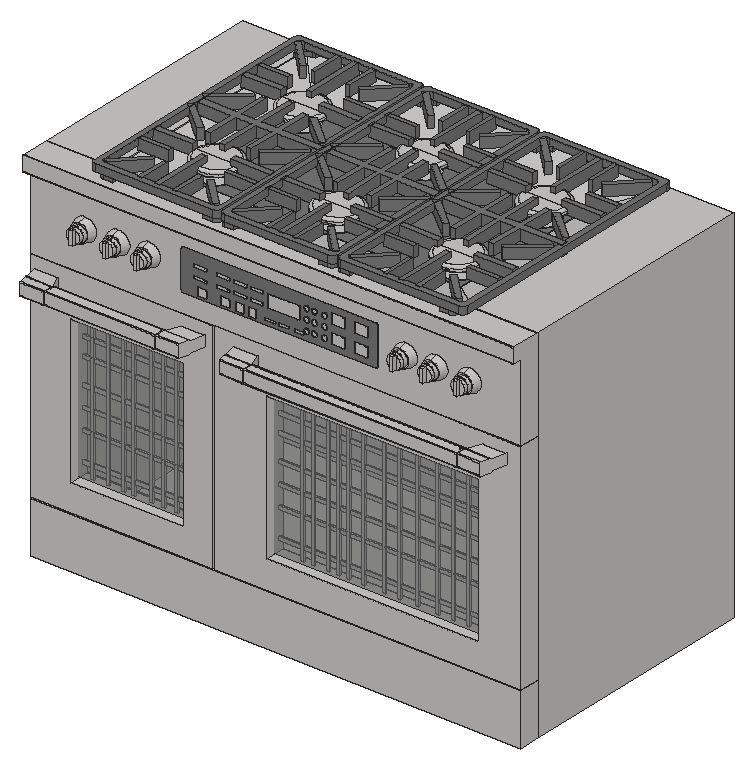
Revit family "HDPR48_Revit", category Specialty Equipment, Revit 2014 (continued)
Forms (in)
  Extrusion 45, solid, material "Stainless Steel" <- "Handle"
    sketch origin (-10, 0, 0) x (0, 1, 0) y (0, 0, -1)
      loop
        arc (-15.41935, -27.34123) -> (-15.39922, -27.32777) -> (-15.37547, -27.32305) r 0.06205
        line (-15.37547, -27.32305) -> (-14, -27.32305) -> (-14, -26.26743) -> (-15.38128, -26.26743)
        arc (-15.38128, -26.26743) -> (-15.40268, -26.26318) -> (-15.42082, -26.25105) r 0.05592
        line (-15.42082, -26.25105) -> (-15.47463, -26.19724)
        arc (-15.47463, -26.19724) -> (-15.50273, -26.17847) -> (-15.53587, -26.17187) r 0.08661
        line (-15.53587, -26.17187) -> (-16.42311, -26.17187)
        arc (-16.42311, -26.17187) -> (-16.47748, -26.1944) -> (-16.5, -26.24876) r 0.07689
        line (-16.5, -26.24876) -> (-16.5, -27.34621)
        arc (-16.5, -27.34621) -> (-16.47784, -27.39971) -> (-16.42433, -27.42187) r 0.07567
        line (-16.42433, -27.42187) -> (-15.545, -27.42187)
    from 10.69711 to 13.56403
  Extrusion 46, void
    sketch origin (-10.25, 0, 0) x (-1, 0, 0) y (0, -1, 0)
      loop
        line (12.70099, 16.78043) -> (13.31403, 14) -> (13.53053, 14.125) -> (13.53053, 16.78043) -> (12.70099, 16.78043)
      loop
        line (10.24681, 15.86964) -> (10.24681, 13.95682) -> (11.05875, 13.95682) -> (10.24681, 15.86964)
    from 24.73393 to 28.5
  Extrusion 47, solid, material "Stainless Steel" <- "Handle"
    sketch origin (-20.5, 0, 0) x (0, 1, 0) y (0, 0, 1)
      loop
        line (-15.545, 27.42187) -> (-16.42433, 27.42187)
        arc (-16.42433, 27.42187) -> (-16.47784, 27.39971) -> (-16.5, 27.34621) r 0.07567
        line (-16.5, 27.34621) -> (-16.5, 26.24876)
        arc (-16.5, 26.24876) -> (-16.47748, 26.1944) -> (-16.42311, 26.17187) r 0.07689
        line (-16.42311, 26.17187) -> (-15.53587, 26.17187)
        arc (-15.53587, 26.17187) -> (-15.50273, 26.17847) -> (-15.47463, 26.19724) r 0.08661
        line (-15.47463, 26.19724) -> (-15.42082, 26.25105)
        arc (-15.42082, 26.25105) -> (-15.40268, 26.26318) -> (-15.38128, 26.26743) r 0.05592
        line (-15.38128, 26.26743) -> (-14, 26.26743) -> (-14, 27.32305) -> (-15.37547, 27.32305)
        arc (-15.37547, 27.32305) -> (-15.39922, 27.32777) -> (-15.41935, 27.34123) r 0.06205
        line (-15.41935, 27.34123) -> (-15.46818, 27.39006)
        arc (-15.46818, 27.39006) -> (-15.50343, 27.41361) -> (-15.545, 27.42187) r 0.10864
    from 10.69711 to 13.56403
  Extrusion 48, void
    sketch origin (-20.25, 0, 0) x (1, 0, 0) y (0, 1, 0)
      loop
        line (12.70099, -16.78043) -> (13.53053, -16.78043) -> (13.53053, -14.125) -> (13.31403, -14) -> (12.70099, -16.78043)
      loop
        line (10.24681, -15.86964) -> (11.05875, -13.95682) -> (10.24681, -13.95682) -> (10.24681, -15.86964)
    from 24.73393 to 28.5
  Extrusion 49, solid, material "Stainless Steel" <- "Handle"
    sketch origin (-20.25, 0, 0) x (0, 1, 0) y (0, 0, -1)
      loop
        arc (-15.53529, -27.42185) -> (-15.50268, -27.41536) -> (-15.47504, -27.3969) r 0.08522
        line (-15.47504, -27.3969) -> (-15.41892, -27.3408)
        arc (-15.41892, -27.3408) -> (-15.39899, -27.32755) -> (-15.37548, -27.32305) r 0.06061
        line (-15.37548, -27.32305) -> (-15.14353, -27.19973)
        arc (-15.14353, -27.19973) -> (-14.91091, -26.83314) -> (-15.1067, -26.44563) r 0.43946
        line (-15.1067, -26.44563) -> (-15.37547, -26.26711)
        arc (-15.37547, -26.26711) -> (-15.39975, -26.26442) -> (-15.42044, -26.25144) r 0.05475
        line (-15.42044, -26.25144) -> (-15.47855, -26.19334)
        arc (-15.47855, -26.19334) -> (-15.5023, -26.17747) -> (-15.53032, -26.1719) r 0.07322
        line (-15.53032, -26.1719) -> (-16.42838, -26.1719)
        arc (-16.42838, -26.1719) -> (-16.47902, -26.19288) -> (-16.5, -26.24352) r 0.07162
        line (-16.5, -26.24352) -> (-16.5, -27.34725)
        arc (-16.5, -27.34725) -> (-16.47815, -27.4) -> (-16.4254, -27.42185) r 0.0746
        line (-16.4254, -27.42185) -> (-15.53529, -27.42185)
    from -10.44711 to 0.44711
  Extrusion 50, solid, material "Stainless Steel" <- "Door"
    sketch origin (0, 0, 0) x (1, 0, 0) y (0, 0, 1)
      loop
        line (-24, 28.42187) -> (-24, 7.10914) -> (-6.125, 7.10914) -> (-6.125, 28.42187) -> (-24, 28.42187)
      loop
        line (24, 7.10914) -> (24, 28.42187) -> (-6, 28.42187) -> (-6, 7.10914) -> (24, 7.10914)
      loop
        line (-0.88482, 24.12749) -> (-0.88482, 9.87749) -> (19.83246, 9.87749) -> (19.83246, 24.12749) -> (-0.88482, 24.12749)
      loop
        line (-20.04254, 24.12749) -> (-20.04254, 9.79033) -> (-8.99618, 9.79033) -> (-8.99618, 24.12749) -> (-20.04254, 24.12749)
    from 14 to 12
Cuts and joins
  joined: Extrusion 1, Extrusion 18, Extrusion 37
  Blend 26 cuts Blend 25
  Blend 26 cuts Extrusion 27
  Blend 26 cuts Revolve 28
  Blend 26 cuts Revolve 30
  Blend 26 cuts Revolve 31
  Blend 26 cuts Revolve 32
  Blend 26 cuts Extrusion 33
  Blend 26 cuts Extrusion 34
  Blend 26 cuts Revolve 35
  Blend 26 cuts Revolve 36
  Extrusion 41, Extrusion 46, Extrusion 48 cuts Extrusion 2
  Extrusion 41, Extrusion 46 cuts Extrusion 40
  Extrusion 41, Extrusion 46, Extrusion 48 cuts Extrusion 44
  Extrusion 43, Extrusion 48 cuts Extrusion 42
  Extrusion 46 cuts Extrusion 45
  Extrusion 46 cuts Extrusion 49
  Extrusion 48 cuts Extrusion 47
Dimensions and locks (in)
  equal spacing: plane 6, plane 3 "Center (Left/Right)", plane 7
  "Width": plane 6 to plane 7
  equal spacing: plane 4, plane 1 "Center (Front/Back)", plane 5
  "Depth": plane 4 to plane 5
  "Height": plane 8 to plane 2
  plane 5 to plane 4 = 24"
  plane 9 to plane 4 = 26"
  plane 11 to plane 4 = 26 7/8"
  plane 12 to plane 4 = 28 1/2"
  locked: plane 13 to plane 8 at 1.0625
  locked: plane 8 to plane 14 at 1.5
  Extrusion 2 sketch curve to Extrusion 2 sketch curve = 9"
  aligned and locked: level to plane 2
  aligned and locked: plane 4 to Extrusion 1
  aligned and locked: Extrusion 1 to plane 5
  aligned and locked: Extrusion 2 to plane 6
  aligned and locked: plane 7 to Extrusion 2
  aligned and locked: Extrusion 33 to Extrusion 29
Automatic sketch dimensions
  Extrusion 1 sketch curve to plane 6 = 0"
  Extrusion 1 sketch curve to plane 8 = 0"  (x2)
  Extrusion 1 sketch curve to plane 7 = 0"
  Extrusion 1 sketch curve to plane 10 = 0"
  plane 6 to Extrusion 1 sketch curve = 0.54402"
  Extrusion 1 sketch curve to plane 7 = 0.33098"
  plane 10 to Extrusion 1 sketch curve = 0.38848"
  Extrusion 2 sketch curve to plane 11 = 0"
  Extrusion 2 sketch curve to plane 8 = 0"
  Extrusion 2 sketch curve to plane 14 = 0"
  Extrusion 2 sketch curve to plane 9 = 0"  (x2)
  Extrusion 2 sketch curve to plane 5 = 0"  (x2)
  plane 11 to Extrusion 2 sketch curve = 0.03053"
  Extrusion 2 sketch curve to Extrusion 2 sketch curve = 1/32"  (x2)
  plane 10 to Extrusion 2 sketch curve = 4.96852"
  Extrusion 2 sketch curve to plane 10 = 0.03148"
  Revolve 4 sketch curve to plane 10 = 0"
  Revolve 4 sketch curve to level = 0"
  plane 5 to Revolve 4 sketch curve = 1 3/4"
  level to Revolve 4 sketch curve = 0.64613"
  Revolve 4 sketch curve to Revolve 4 sketch curve = 0.10387"  (x2)
  Revolve 4 sketch curve to Revolve 4 sketch curve = 0.04885"
  Revolve 4 sketch curve to Revolve 4 sketch curve = 0.71521"
  level to Revolve 4 sketch curve = 0.08461"
  Revolve 4 sketch curve to Revolve 4 sketch curve = 0.61135"
  Revolve 4 sketch curve to Revolve 4 sketch curve = 0.35387"
  Revolve 4 sketch curve to plane 10 = 0.38394"
  plane 10 to Revolve 5 sketch curve = 0.02133"
  plane 5 to Revolve 5 sketch curve = 1.75446"
  level to Revolve 5 sketch curve = 0.66746"
  Revolve 5 sketch curve to Revolve 5 sketch curve = 0.10387"  (x2)
  level to Revolve 5 sketch curve = 0.02133"
  Revolve 5 sketch curve to Revolve 5 sketch curve = 0.04885"
  Revolve 5 sketch curve to Revolve 5 sketch curve = 0.71521"
  Revolve 5 sketch curve to Revolve 5 sketch curve = 0.08461"
  Revolve 5 sketch curve to Revolve 5 sketch curve = 0.61135"
  Revolve 5 sketch curve to plane 10 = 0.36261"
  Revolve 5 sketch curve to Revolve 5 sketch curve = 0.61606"
  Revolve 6 sketch curve to plane 10 = 0"
  Revolve 6 sketch curve to level = 0"
  Revolve 6 sketch curve to plane 4 = 1 3/4"
  level to Revolve 6 sketch curve = 0.64613"
  Revolve 6 sketch curve to Revolve 6 sketch curve = 0.10387"  (x2)
  Revolve 6 sketch curve to Revolve 6 sketch curve = 0.04885"
  Revolve 6 sketch curve to Revolve 6 sketch curve = 0.71521"
  level to Revolve 6 sketch curve = 0.08461"
  Revolve 6 sketch curve to Revolve 6 sketch curve = 0.61135"
  Revolve 6 sketch curve to plane 10 = 0.38394"
  Revolve 6 sketch curve to Revolve 6 sketch curve = 0.61606"
  plane 10 to Revolve 7 sketch curve = 0.02133"
  Revolve 7 sketch curve to plane 4 = 1.74554"
  level to Revolve 7 sketch curve = 0.66746"
  Revolve 7 sketch curve to Revolve 7 sketch curve = 0.10387"  (x2)
  level to Revolve 7 sketch curve = 0.02133"
  Revolve 7 sketch curve to Revolve 7 sketch curve = 0.04885"
  Revolve 7 sketch curve to Revolve 7 sketch curve = 0.71521"
  Revolve 7 sketch curve to Revolve 7 sketch curve = 0.08461"
  Revolve 7 sketch curve to Revolve 7 sketch curve = 0.61135"
  Revolve 7 sketch curve to Revolve 7 sketch curve = 0.35387"
  Revolve 7 sketch curve to plane 10 = 0.36261"
  Revolve 8 sketch curve to plane 9 = 0"
  plane 11 to Revolve 8 sketch curve = 1/8"
  Revolve 8 sketch curve to plane 11 = 0.26351"
  Revolve 8 sketch curve to Revolve 8 sketch curve = 0.33385"
  Revolve 8 sketch curve to plane 14 = 3.49702"
  Revolve 8 sketch curve to Revolve 8 sketch curve = 0.6674"
  Revolve 8 sketch curve to Revolve 8 sketch curve = 0.06726"
  Revolve 8 sketch curve to Revolve 8 sketch curve = 0.13737"
  Revolve 8 sketch curve to Revolve 8 sketch curve = 0.20096"
  Revolve 8 sketch curve to plane 9 = 1/4"
  Revolve 8 sketch curve to plane 11 = 1/8"
  Revolve 8 sketch curve to Revolve 8 sketch curve = 0"
  Extrusion 9 sketch curve to plane 14 = 4.14477"
  Extrusion 9 sketch curve to plane 7 = 11.39021"
  Extrusion 9 sketch curve to Extrusion 9 sketch curve = 0.30095"
  Extrusion 9 sketch curve to Extrusion 9 sketch curve = 1.30026"
  Revolve 10 sketch curve to plane 9 = 0"
  plane 11 to Revolve 10 sketch curve = 1/8"
  Revolve 10 sketch curve to plane 11 = 0.26351"
  Revolve 10 sketch curve to Revolve 10 sketch curve = 0.33385"
  Revolve 10 sketch curve to plane 14 = 3.49702"
  Revolve 10 sketch curve to Revolve 10 sketch curve = 0.6674"
  Revolve 10 sketch curve to Revolve 10 sketch curve = 0.06726"
  Revolve 10 sketch curve to Revolve 10 sketch curve = 0.13737"
  Revolve 10 sketch curve to Revolve 10 sketch curve = 0.20096"
  Revolve 10 sketch curve to plane 9 = 1/4"
  Revolve 10 sketch curve to plane 11 = 1/8"
  Revolve 10 sketch curve to Revolve 10 sketch curve = 0"
  Extrusion 11 sketch curve to plane 14 = 4.14477"
  Extrusion 11 sketch curve to plane 7 = 8.45271"
  Extrusion 11 sketch curve to Extrusion 11 sketch curve = 0.30095"
  Extrusion 11 sketch curve to Extrusion 11 sketch curve = 1.30026"
  Revolve 12 sketch curve to plane 9 = 0"
  plane 11 to Revolve 12 sketch curve = 1/8"
  Revolve 12 sketch curve to plane 11 = 0.26351"
  Revolve 12 sketch curve to Revolve 12 sketch curve = 0.33385"
  Revolve 12 sketch curve to plane 14 = 2.42404"
  Revolve 12 sketch curve to Revolve 12 sketch curve = 0.20096"
  Revolve 12 sketch curve to Revolve 12 sketch curve = 0.13737"
  Revolve 12 sketch curve to Revolve 12 sketch curve = 0.06726"
  Revolve 12 sketch curve to Revolve 12 sketch curve = 0.6674"
  Revolve 12 sketch curve to Revolve 12 sketch curve = 1/4"
  Revolve 12 sketch curve to plane 11 = 1/8"
  Revolve 12 sketch curve to Revolve 12 sketch curve = 0"
  plane 14 to Extrusion 13 sketch curve = 4.14477"
  Extrusion 13 sketch curve to plane 6 = 11.79646"
  Extrusion 13 sketch curve to Extrusion 13 sketch curve = 0.30095"
  Extrusion 13 sketch curve to Extrusion 13 sketch curve = 1.30026"
  Revolve 14 sketch curve to plane 9 = 0"
  plane 11 to Revolve 14 sketch curve = 1/8"
  Revolve 14 sketch curve to plane 11 = 0.26351"
  Revolve 14 sketch curve to Revolve 14 sketch curve = 0.33385"
  Revolve 14 sketch curve to plane 14 = 2.42404"
  Revolve 14 sketch curve to Revolve 14 sketch curve = 0.20096"
  Revolve 14 sketch curve to Revolve 14 sketch curve = 0.13737"
  Revolve 14 sketch curve to Revolve 14 sketch curve = 0.06726"
  Revolve 14 sketch curve to Revolve 14 sketch curve = 0.6674"
  Revolve 14 sketch curve to Revolve 14 sketch curve = 1/4"
  Revolve 14 sketch curve to plane 11 = 1/8"
  Revolve 14 sketch curve to Revolve 14 sketch curve = 0"
  plane 14 to Extrusion 15 sketch curve = 4.14477"
  Extrusion 15 sketch curve to plane 6 = 8.76521"
  Extrusion 15 sketch curve to Extrusion 15 sketch curve = 0.30095"
  Extrusion 15 sketch curve to Extrusion 15 sketch curve = 1.30026"
  Extrusion 16 sketch curve to plane 3 "Center (Left/Right)" = 0"
  Extrusion 16 sketch curve to plane 3 "Center (Left/Right)" = 0.70418"
  Extrusion 16 sketch curve to plane 3 "Center (Left/Right)" = 1.02527"
  Extrusion 16 sketch curve to Extrusion 16 sketch curve = 0.50858"  (x2)
  Extrusion 16 sketch curve to Extrusion 16 sketch curve = 0.87038"
  Extrusion 16 sketch curve to Extrusion 16 sketch curve = 1.2315"
  Extrusion 16 sketch curve to Extrusion 16 sketch curve = 0.54863"
  Extrusion 16 sketch curve to Extrusion 16 sketch curve = 0.70811"
  Extrusion 16 sketch curve to Extrusion 16 sketch curve = 0.36668"  (x2)
  Extrusion 16 sketch curve to Extrusion 16 sketch curve = 0.4926"
  Extrusion 16 sketch curve to Extrusion 16 sketch curve = 0.76969"
  Extrusion 16 sketch curve to Extrusion 16 sketch curve = 0.23798"
  Extrusion 16 sketch curve to Extrusion 16 sketch curve = 0"  (x17)
  Extrusion 16 sketch curve to Extrusion 16 sketch curve = 0.6505"
  Extrusion 16 sketch curve to Extrusion 16 sketch curve = 0.41253"  (x2)
  Extrusion 16 sketch curve to Extrusion 16 sketch curve = 0.84976"  (x2)
  Extrusion 16 sketch curve to Extrusion 16 sketch curve = 0.40024"  (x2)
  Extrusion 16 sketch curve to Extrusion 16 sketch curve = 1"  (x8)
  Extrusion 16 sketch curve to Extrusion 16 sketch curve = 1 1/4"  (x4)
  Extrusion 16 sketch curve to Extrusion 16 sketch curve = 0.95105"
  Extrusion 16 sketch curve to Extrusion 16 sketch curve = 1.35129"
  Extrusion 16 sketch curve to Extrusion 16 sketch curve = 1/4"  (x16)
  plane 3 "Center (Left/Right)" to Extrusion 16 sketch curve = 0.32502"
  Extrusion 16 sketch curve to Extrusion 16 sketch curve = 0.99055"
  Extrusion 16 sketch curve to Extrusion 16 sketch curve = 0.53544"
  Extrusion 16 sketch curve to Extrusion 16 sketch curve = 0.52318"
  Extrusion 16 sketch curve to Extrusion 16 sketch curve = 0.88347"
  Extrusion 16 sketch curve to Extrusion 16 sketch curve = 0.68155"  (x2)
  Extrusion 16 sketch curve to Extrusion 16 sketch curve = 0.32126"
  Extrusion 16 sketch curve to Extrusion 16 sketch curve = 3/4"  (x6)
  Extrusion 16 sketch curve to Extrusion 16 sketch curve = 0.713"  (x2)
  Extrusion 16 sketch curve to Extrusion 16 sketch curve = 0.76366"  (x2)
  Extrusion 16 sketch curve to plane 14 = 5.68344"
  Extrusion 16 sketch curve to Extrusion 16 sketch curve = 0.00715"
  Extrusion 16 sketch curve to Extrusion 16 sketch curve = 0.17667"  (x2)
  Extrusion 16 sketch curve to Extrusion 16 sketch curve = 0.1874"  (x3)
  Extrusion 16 sketch curve to Extrusion 16 sketch curve = 0.35692"
  Extrusion 16 sketch curve to Extrusion 16 sketch curve = 0.7389"  (x3)
  Extrusion 16 sketch curve to Extrusion 16 sketch curve = 0.62804"  (x3)
  Extrusion 16 sketch curve to Extrusion 16 sketch curve = 1.00287"  (x2)
  Extrusion 16 sketch curve to Extrusion 16 sketch curve = 0.72785"  (x2)
  Extrusion 16 sketch curve to Extrusion 16 sketch curve = 0.52215"
  Extrusion 16 sketch curve to Extrusion 16 sketch curve = 0.41236"
  Extrusion 17 sketch curve to Extrusion 16 = 0"  (x72)
  Extrusion 16 to Extrusion 17 sketch curve = 0"  (x8)
  Extrusion 18 sketch curve to Extrusion 1 = 0"  (x4)
  plane 6 to Extrusion 19 sketch curve = 4.82012"
  Extrusion 19 sketch curve to Extrusion 19 sketch curve = 75/256"  (x21)
  Extrusion 19 sketch curve to Extrusion 19 sketch curve = 1 53/256"  (x6)
  Extrusion 19 sketch curve to Extrusion 19 sketch curve = 0.69186"  (x2)
  Extrusion 19 sketch curve to Extrusion 19 sketch curve = 1 117/256"
  Extrusion 19 sketch curve to Extrusion 19 sketch curve = 0.93149"  (x2)
  Extrusion 19 sketch curve to Extrusion 19 sketch curve = 1 181/256"  (x2)
  Extrusion 19 sketch curve to Extrusion 19 sketch curve = 1.03146"
  plane 3 "Center (Left/Right)" to Extrusion 19 sketch curve = 1.36518"
  Extrusion 19 sketch curve to Extrusion 19 sketch curve = 181/256"  (x2)
  Extrusion 19 sketch curve to Extrusion 19 sketch curve = 1.18149"
  Extrusion 19 sketch curve to Extrusion 19 sketch curve = 1.69373"
  Extrusion 19 sketch curve to Extrusion 19 sketch curve = 1.47037"
  plane 10 to Extrusion 19 sketch curve = 7.73528"
  Extrusion 19 sketch curve to Extrusion 19 sketch curve = 0"  (x34)
  plane 10 to Extrusion 19 sketch curve = 7.79033"  (x2)
  Extrusion 19 sketch curve to Extrusion 19 sketch curve = 0.05505"  (x4)
  Extrusion 19 sketch curve to plane 14 = 12.01472"
  Revolve 21 sketch curve to plane 9 = 0"
  plane 11 to Revolve 21 sketch curve = 1/8"
  Revolve 21 sketch curve to plane 11 = 0.26351"
  Revolve 21 sketch curve to Revolve 21 sketch curve = 0.33385"
  Revolve 21 sketch curve to plane 14 = 3.49702"
  Revolve 21 sketch curve to Revolve 21 sketch curve = 0.6674"
  Revolve 21 sketch curve to Revolve 21 sketch curve = 0.06726"
  Revolve 21 sketch curve to Revolve 21 sketch curve = 0.13737"
  Revolve 21 sketch curve to Revolve 21 sketch curve = 0.20096"
  Revolve 21 sketch curve to plane 9 = 1/4"
  Revolve 21 sketch curve to plane 11 = 1/8"
  Revolve 21 sketch curve to Revolve 21 sketch curve = 0"
  Extrusion 22 sketch curve to plane 7 = 5.20271"
  Extrusion 22 sketch curve to Extrusion 22 sketch curve = 0.30095"
  Extrusion 22 sketch curve to plane 14 = 4.14477"
  Extrusion 22 sketch curve to Extrusion 22 sketch curve = 1.30026"
  Revolve 23 sketch curve to plane 9 = 0"
  plane 11 to Revolve 23 sketch curve = 1/8"
  Revolve 23 sketch curve to plane 11 = 0.26351"
  Revolve 23 sketch curve to Revolve 23 sketch curve = 0.33385"
  Revolve 23 sketch curve to plane 14 = 2.42404"
  Revolve 23 sketch curve to Revolve 23 sketch curve = 0.20096"
  Revolve 23 sketch curve to Revolve 23 sketch curve = 0.13737"
  Revolve 23 sketch curve to Revolve 23 sketch curve = 0.06726"
  Revolve 23 sketch curve to Revolve 23 sketch curve = 0.6674"
  Revolve 23 sketch curve to Revolve 23 sketch curve = 1/4"
  Revolve 23 sketch curve to plane 11 = 1/8"
  Revolve 23 sketch curve to Revolve 23 sketch curve = 0"
  Extrusion 24 sketch curve to plane 6 = 5.51521"
  Extrusion 24 sketch curve to Extrusion 24 sketch curve = 0.30095"
  plane 14 to Extrusion 24 sketch curve = 4.14477"
  Extrusion 24 sketch curve to Extrusion 24 sketch curve = 1.30026"
  Blend 25 sketch curve to plane 5 = 0"
  Blend 25 sketch curve to plane 4 = 0.60405"
  plane 6 to Blend 25 sketch curve = 6.60652"
  Blend 25 sketch curve to plane 7 = 6.39348"
  plane 5 to Blend 25 sketch curve = 2.80878"
  plane 6 to Blend 25 sketch curve = 9.65712"
  Blend 25 sketch curve to plane 7 = 9.84288"
  Blend 25 sketch curve to plane 4 = 4.19122"
  Blend 26 sketch curve to plane 5 = 0"
  Blend 26 sketch curve to plane 4 = 0.60405"
  plane 6 to Blend 26 sketch curve = 6.60652"
  Blend 26 sketch curve to plane 7 = 6.39348"
  plane 5 to Blend 26 sketch curve = 3.54791"
  plane 6 to Blend 26 sketch curve = 10.65712"
  Blend 26 sketch curve to plane 7 = 10.34288"
  Blend 26 sketch curve to plane 4 = 4.93035"
  Blend 25 to Extrusion 27 sketch curve = 0.73913"  (x2)
  Blend 25 to Extrusion 27 sketch curve = 1/2"
  Blend 25 to Extrusion 27 sketch curve = 1"
  plane 8 to Revolve 28 sketch curve = 1/32"
  plane 6 to Revolve 28 sketch curve = 10 1/8"
  Revolve 28 sketch curve to plane 8 = 0.3223"
  Revolve 28 sketch curve to Revolve 28 sketch curve = 0"  (x2)
  Revolve 28 sketch curve to Revolve 28 sketch curve = 0.08277"
  Revolve 28 sketch curve to plane 8 = 0.09852"
  Revolve 28 sketch curve to Revolve 28 sketch curve = 0.047"  (x2)
  Revolve 28 sketch curve to plane 8 = 0.19253"
  plane 14 to Revolve 28 sketch curve = 0.70035"
  Revolve 28 sketch curve to Revolve 28 sketch curve = 0.1853"
  Revolve 28 sketch curve to Revolve 28 sketch curve = 1/4"
  Revolve 28 sketch curve to Revolve 28 sketch curve = 0.0647"
  plane 14 to Revolve 28 sketch curve = 0.55589"
  Revolve 28 sketch curve to Revolve 28 sketch curve = 0.53915"
  Revolve 28 sketch curve to plane 14 = 0.23056"
  Revolve 28 sketch curve to Revolve 28 sketch curve = 0.45405"
  Revolve 28 sketch curve to Revolve 28 sketch curve = 1.0715"
  plane 8 to Revolve 28 sketch curve = 9/32"
  plane 14 to Revolve 28 sketch curve = 0.63472"
  Revolve 28 sketch curve to Revolve 28 sketch curve = 0.10347"
  Extrusion 29 sketch curve to plane 9 = 0"  (x3)
  plane 9 to Extrusion 29 sketch curve = 1/2"
  plane 6 to Extrusion 29 sketch curve = 5.85652"
  Extrusion 29 sketch curve to Extrusion 29 sketch curve = 1/2"  (x15)
  Extrusion 29 sketch curve to Extrusion 29 sketch curve = 0.01964"
  Extrusion 29 sketch curve to Extrusion 29 sketch curve = 0.51964"  (x5)
  Extrusion 29 sketch curve to plane 4 = 1.15906"  (x2)
  Extrusion 29 sketch curve to plane 3 "Center (Left/Right)" = 6.68634"  (x2)
  Extrusion 29 sketch curve to plane 5 = 0.90906"
  Extrusion 29 sketch curve to Extrusion 29 sketch curve = 0.49884"  (x5)
  Extrusion 29 sketch curve to Extrusion 29 sketch curve = 3/16"
  Extrusion 29 sketch curve to plane 4 = 1.65906"
  plane 3 "Center (Left/Right)" to Extrusion 29 sketch curve = 4.62384"  (x2)
  plane 9 to Extrusion 29 sketch curve = 0.59094"  (x2)
  Extrusion 29 sketch curve to Extrusion 29 sketch curve = 0.23152"
  Extrusion 29 sketch curve to plane 7 = 6.62616"  (x2)
  Extrusion 29 sketch curve to Extrusion 29 sketch curve = 0.55501"  (x2)
  Extrusion 29 sketch curve to Extrusion 29 sketch curve = 0.05501"
  plane 8 to Revolve 30 sketch curve = 1/32"
  plane 6 to Revolve 30 sketch curve = 10 1/8"
  Revolve 30 sketch curve to plane 8 = 0.3223"
  Revolve 30 sketch curve to Revolve 30 sketch curve = 0"  (x2)
  Revolve 30 sketch curve to Revolve 30 sketch curve = 0.08277"
  Revolve 30 sketch curve to plane 8 = 0.09852"
  Revolve 30 sketch curve to Revolve 30 sketch curve = 0.047"  (x2)
  Revolve 30 sketch curve to plane 8 = 0.19253"
  plane 14 to Revolve 30 sketch curve = 0.70035"
  Revolve 30 sketch curve to Revolve 30 sketch curve = 0.1853"
  Revolve 30 sketch curve to Revolve 30 sketch curve = 1/4"  (x3)
  plane 14 to Revolve 30 sketch curve = 0.55589"
  Revolve 30 sketch curve to Revolve 30 sketch curve = 0.53915"
  Revolve 30 sketch curve to plane 14 = 0.23056"
  Revolve 30 sketch curve to Revolve 30 sketch curve = 0.45405"
  Revolve 30 sketch curve to Revolve 30 sketch curve = 1.0715"
  Revolve 30 sketch curve to Revolve 30 sketch curve = 0.10347"
  plane 14 to Revolve 30 sketch curve = 0.63472"
  plane 8 to Revolve 31 sketch curve = 1/32"
  Revolve 31 sketch curve to plane 7 = 9 3/4"
  Revolve 31 sketch curve to plane 8 = 0.3223"
  Revolve 31 sketch curve to Revolve 31 sketch curve = 0"  (x2)
  Revolve 31 sketch curve to Revolve 31 sketch curve = 0.08277"
  Revolve 31 sketch curve to plane 8 = 0.09852"
  Revolve 31 sketch curve to Revolve 31 sketch curve = 0.047"  (x2)
  Revolve 31 sketch curve to plane 8 = 0.19253"
  plane 14 to Revolve 31 sketch curve = 0.70035"
  Revolve 31 sketch curve to Revolve 31 sketch curve = 0.1853"
  Revolve 31 sketch curve to Revolve 31 sketch curve = 1/4"  (x2)
  Revolve 31 sketch curve to Revolve 31 sketch curve = 0.0647"
  plane 14 to Revolve 31 sketch curve = 0.55589"
  Revolve 31 sketch curve to Revolve 31 sketch curve = 0.53915"
  Revolve 31 sketch curve to plane 14 = 0.23056"
  Revolve 31 sketch curve to Revolve 31 sketch curve = 0.45405"
  Revolve 31 sketch curve to Revolve 31 sketch curve = 1.0715"
  Revolve 31 sketch curve to Revolve 31 sketch curve = 0.10347"
  plane 14 to Revolve 31 sketch curve = 0.63472"
  plane 8 to Revolve 32 sketch curve = 1/32"
  Revolve 32 sketch curve to plane 7 = 9 3/4"
  Revolve 32 sketch curve to plane 8 = 0.3223"
  Revolve 32 sketch curve to Revolve 32 sketch curve = 0"  (x2)
  Revolve 32 sketch curve to Revolve 32 sketch curve = 0.08277"
  Revolve 32 sketch curve to plane 8 = 0.09852"
  Revolve 32 sketch curve to Revolve 32 sketch curve = 0.047"  (x2)
  Revolve 32 sketch curve to plane 8 = 0.19253"
  plane 14 to Revolve 32 sketch curve = 0.70035"
  Revolve 32 sketch curve to Revolve 32 sketch curve = 0.1853"
  Revolve 32 sketch curve to Revolve 32 sketch curve = 1/4"  (x2)
  plane 14 to Revolve 32 sketch curve = 0.55589"
  Revolve 32 sketch curve to Revolve 32 sketch curve = 0.53915"
  Revolve 32 sketch curve to plane 14 = 0.23056"
  Revolve 32 sketch curve to Revolve 32 sketch curve = 0.45405"
  Revolve 32 sketch curve to Revolve 32 sketch curve = 1.0715"
  plane 8 to Revolve 32 sketch curve = 9/32"
  plane 14 to Revolve 32 sketch curve = 0.63472"
  Revolve 32 sketch curve to Revolve 32 sketch curve = 0.10347"
  Extrusion 33 sketch curve to plane 5 = 0.49042"  (x2)
  plane 6 to Extrusion 33 sketch curve = 6.60652"  (x2)
  Extrusion 33 sketch curve to plane 4 = 1.10405"
  plane 9 to Extrusion 33 sketch curve = 0.04155"  (x6)
  Extrusion 33 sketch curve to Extrusion 33 sketch curve = 1/2"  (x18)
  Extrusion 33 sketch curve to Extrusion 33 sketch curve = 0.51964"  (x16)
  Extrusion 33 sketch curve to Extrusion 33 sketch curve = 0.38691"  (x12)
  Extrusion 33 sketch curve to plane 3 "Center (Left/Right)" = 7.13575"  (x2)
  Extrusion 33 sketch curve to plane 4 = 0.60405"  (x3)
  Extrusion 33 sketch curve to Extrusion 33 sketch curve = 0.22919"  (x2)
  Extrusion 33 sketch curve to Extrusion 33 sketch curve = 0.01964"  (x2)
  plane 9 to Extrusion 33 sketch curve = 0.59656"
  plane 3 "Center (Left/Right)" to Extrusion 33 sketch curve = 4.19523"  (x2)
  Extrusion 33 sketch curve to Extrusion 33 sketch curve = 0.2524"  (x2)
  Extrusion 33 sketch curve to plane 7 = 8.01308"  (x2)
  Extrusion 33 sketch curve to Extrusion 33 sketch curve = 0.55501"  (x4)
  Extrusion 33 sketch curve to Extrusion 33 sketch curve = 0.05501"
  Extrusion 33 sketch curve to Extrusion 33 sketch curve = 0.41301"  (x10)
  Extrusion 33 sketch curve to Extrusion 33 sketch curve = 0.96803"  (x4)
  Extrusion 33 sketch curve to Extrusion 33 sketch curve = 0"  (x4)
  plane 1 "Center (Front/Back)" to Extrusion 34 sketch curve = 0.33908"  (x6)
  plane 6 to Extrusion 34 sketch curve = 5.97767"
  plane 1 "Center (Front/Back)" to Extrusion 34 sketch curve = 2.22905"  (x6)
  Extrusion 34 sketch curve to Extrusion 34 sketch curve = 0"  (x30)
  plane 1 "Center (Front/Back)" to Extrusion 34 sketch curve = 0.69263"  (x6)
  Extrusion 34 sketch curve to Extrusion 34 sketch curve = 0.35355"  (x32)
  plane 1 "Center (Front/Back)" to Extrusion 34 sketch curve = 1.8755"  (x6)
  Extrusion 34 sketch curve to Extrusion 34 sketch curve = 0.04494"  (x3)
  Extrusion 34 sketch curve to plane 4 = 1.6838"  (x3)
  plane 6 to Extrusion 34 sketch curve = 6.37616"
  Extrusion 34 sketch curve to Extrusion 34 sketch curve = 0.39849"
  Extrusion 34 sketch curve to plane 5 = 0.88433"  (x3)
  Extrusion 34 sketch curve to plane 4 = 1.34097"  (x6)
  Extrusion 34 sketch curve to Extrusion 34 sketch curve = 0.34283"  (x12)
  plane 9 to Extrusion 34 sketch curve = 0.77284"  (x6)
  Extrusion 34 sketch curve to plane 1 "Center (Front/Back)" = 2.19784"  (x4)
  Extrusion 34 sketch curve to Extrusion 34 sketch curve = 2.56177"  (x4)
  plane 5 to Extrusion 34 sketch curve = 1.76732"  (x6)
  Extrusion 34 sketch curve to plane 4 = 4.33545"  (x4)
  Extrusion 34 sketch curve to plane 1 "Center (Front/Back)" = 1.84429"  (x6)
  plane 1 "Center (Front/Back)" to Extrusion 34 sketch curve = 4.41242"  (x4)
  Extrusion 34 sketch curve to Extrusion 34 sketch curve = 0.34835"  (x6)
  Extrusion 34 sketch curve to Extrusion 34 sketch curve = 0.44539"  (x5)
  Extrusion 34 sketch curve to Extrusion 34 sketch curve = 0.74123"  (x5)
  Extrusion 34 sketch curve to plane 4 = 1.12314"  (x7)
  Extrusion 34 sketch curve to Extrusion 34 sketch curve = 0.46763"  (x20)
  Extrusion 34 sketch curve to Extrusion 34 sketch curve = 0.84662"  (x5)
  Extrusion 34 sketch curve to Extrusion 34 sketch curve = 0.34263"  (x12)
  plane 9 to Extrusion 34 sketch curve = 0.55501"  (x9)
  Extrusion 34 sketch curve to Extrusion 34 sketch curve = 1.28237"
  Extrusion 34 sketch curve to Extrusion 34 sketch curve = 1.51409"
  Extrusion 34 sketch curve to Extrusion 34 sketch curve = 1.53237"  (x4)
  Extrusion 34 sketch curve to Extrusion 34 sketch curve = 1.31473"  (x2)
  Extrusion 34 sketch curve to Extrusion 34 sketch curve = 0.22784"  (x3)
  Extrusion 34 sketch curve to Extrusion 34 sketch curve = 1.7602"
  plane 5 to Extrusion 34 sketch curve = 1.42449"  (x2)
  Extrusion 34 sketch curve to Extrusion 34 sketch curve = 0.70886"  (x6)
  Extrusion 34 sketch curve to Extrusion 34 sketch curve = 0.50401"  (x6)
  Extrusion 34 sketch curve to Extrusion 34 sketch curve = 0.94946"  (x5)
  Extrusion 34 sketch curve to Extrusion 34 sketch curve = 3.36051"  (x4)
  Extrusion 34 sketch curve to Extrusion 34 sketch curve = 3.46427"  (x3)
  Extrusion 34 sketch curve to Extrusion 34 sketch curve = 3"  (x5)
  Extrusion 34 sketch curve to Extrusion 34 sketch curve = 0.29017"  (x2)
  Extrusion 34 sketch curve to Extrusion 34 sketch curve = 0.45534"  (x2)
  Extrusion 34 sketch curve to Extrusion 34 sketch curve = 1.31095"  (x2)
  Extrusion 34 sketch curve to Extrusion 34 sketch curve = 1.06483"  (x4)
  Extrusion 34 sketch curve to plane 3 "Center (Left/Right)" = 2.56207"  (x2)
  Extrusion 34 sketch curve to plane 3 "Center (Left/Right)" = 2.47219"
  Extrusion 34 sketch curve to plane 3 "Center (Left/Right)" = 1.38813"
  Extrusion 34 sketch curve to plane 3 "Center (Left/Right)" = 1.27721"  (x2)
  Extrusion 34 sketch curve to plane 3 "Center (Left/Right)" = 0.13813"  (x4)
  plane 3 "Center (Left/Right)" to Extrusion 34 sketch curve = 0.32951"  (x4)
  Extrusion 34 sketch curve to Extrusion 34 sketch curve = 0.93973"
  plane 3 "Center (Left/Right)" to Extrusion 34 sketch curve = 1.26924"
  Extrusion 34 sketch curve to Extrusion 34 sketch curve = 1.15737"  (x2)
  Extrusion 34 sketch curve to Extrusion 34 sketch curve = 1.3852"  (x2)
  Extrusion 34 sketch curve to Extrusion 34 sketch curve = 2.74927"
  Extrusion 34 sketch curve to Extrusion 34 sketch curve = 0.26872"
  Extrusion 34 sketch curve to Extrusion 34 sketch curve = 0.20301"  (x2)
  Extrusion 34 sketch curve to Extrusion 34 sketch curve = 13/16"  (x4)
  Extrusion 34 sketch curve to Extrusion 34 sketch curve = 1.05862"  (x2)
  Extrusion 34 sketch curve to Extrusion 34 sketch curve = 1.38909"  (x2)
  Extrusion 34 sketch curve to Extrusion 34 sketch curve = 1.40737"  (x2)
  Extrusion 34 sketch curve to Extrusion 34 sketch curve = 2.81473"
  Extrusion 34 sketch curve to Extrusion 34 sketch curve = 1.18973"
  Extrusion 34 sketch curve to Extrusion 34 sketch curve = 0.2768"  (x12)
  Extrusion 34 sketch curve to Extrusion 34 sketch curve = 1.46121"  (x7)
  Extrusion 34 sketch curve to Extrusion 34 sketch curve = 7/16"  (x12)
  Extrusion 34 sketch curve to Extrusion 34 sketch curve = 0.65897"  (x3)
  Extrusion 34 sketch curve to Extrusion 34 sketch curve = 1.36641"  (x8)
  Extrusion 34 sketch curve to Extrusion 34 sketch curve = 0.70743"  (x5)
  Extrusion 34 sketch curve to Extrusion 34 sketch curve = 0.5795"  (x12)
  Extrusion 34 sketch curve to Extrusion 34 sketch curve = 0.89493"  (x5)
  Extrusion 34 sketch curve to Extrusion 34 sketch curve = 1.62209"  (x2)
  Extrusion 34 sketch curve to Extrusion 34 sketch curve = 0.33071"  (x10)
  Extrusion 34 sketch curve to Extrusion 34 sketch curve = 0.02284"  (x2)
  plane 1 "Center (Front/Back)" to Extrusion 34 sketch curve = 1.63544"  (x4)
  Extrusion 34 sketch curve to Extrusion 34 sketch curve = 0.59361"  (x2)
  Extrusion 34 sketch curve to Extrusion 34 sketch curve = 0.24006"  (x2)
  Extrusion 34 sketch curve to Extrusion 34 sketch curve = 0.70275"  (x4)
  Extrusion 34 sketch curve to Extrusion 34 sketch curve = 0.19305"  (x3)
  Extrusion 34 sketch curve to Extrusion 34 sketch curve = 3/4"  (x3)
  Extrusion 34 sketch curve to Extrusion 34 sketch curve = 1.64493"  (x4)
  plane 8 to Revolve 35 sketch curve = 1/32"
  plane 3 "Center (Left/Right)" to Revolve 35 sketch curve = 2 1/2"
  Revolve 35 sketch curve to plane 8 = 0.3223"
  Revolve 35 sketch curve to Revolve 35 sketch curve = 0"
  Revolve 35 sketch curve to Revolve 35 sketch curve = 0.08277"
  Revolve 35 sketch curve to plane 8 = 0.09852"
  Revolve 35 sketch curve to Revolve 35 sketch curve = 0.047"  (x2)
  Revolve 35 sketch curve to plane 8 = 0.19253"
  plane 14 to Revolve 35 sketch curve = 0.70035"
  Revolve 35 sketch curve to Revolve 35 sketch curve = 0.1853"
  Revolve 35 sketch curve to Revolve 35 sketch curve = 1/4"  (x2)
  Revolve 35 sketch curve to Revolve 35 sketch curve = 0.0647"
  plane 14 to Revolve 35 sketch curve = 0.55589"
  Revolve 35 sketch curve to Revolve 35 sketch curve = 0.53915"
  Revolve 35 sketch curve to plane 14 = 0.23056"
  Revolve 35 sketch curve to Revolve 35 sketch curve = 0.45405"
  plane 3 "Center (Left/Right)" to Revolve 35 sketch curve = 1/4"  (x2)
  Revolve 35 sketch curve to Revolve 35 sketch curve = 0.10347"
  plane 14 to Revolve 35 sketch curve = 0.63472"
  plane 8 to Revolve 36 sketch curve = 1/32"
  plane 3 "Center (Left/Right)" to Revolve 36 sketch curve = 2 1/2"
  Revolve 36 sketch curve to plane 8 = 0.3223"
  Revolve 36 sketch curve to Revolve 36 sketch curve = 0"
  Revolve 36 sketch curve to Revolve 36 sketch curve = 0.08277"
  Revolve 36 sketch curve to plane 8 = 0.09852"
  Revolve 36 sketch curve to Revolve 36 sketch curve = 0.047"  (x2)
  Revolve 36 sketch curve to plane 8 = 0.19253"
  plane 14 to Revolve 36 sketch curve = 0.70035"
  Revolve 36 sketch curve to Revolve 36 sketch curve = 0.1853"
  Revolve 36 sketch curve to Revolve 36 sketch curve = 1/4"  (x2)
  plane 14 to Revolve 36 sketch curve = 0.55589"
  Revolve 36 sketch curve to Revolve 36 sketch curve = 0.53915"
  Revolve 36 sketch curve to plane 14 = 0.23056"
  Revolve 36 sketch curve to Revolve 36 sketch curve = 0.45405"
  plane 3 "Center (Left/Right)" to Revolve 36 sketch curve = 1/4"  (x2)
  plane 8 to Revolve 36 sketch curve = 9/32"
  plane 14 to Revolve 36 sketch curve = 0.63472"
  Revolve 36 sketch curve to Revolve 36 sketch curve = 0.10347"
  Extrusion 37 sketch curve to plane 5 = 0"  (x2)
  plane 6 to Extrusion 37 sketch curve = 0.54402"
  Extrusion 37 sketch curve to Extrusion 37 sketch curve = 6 1/16"
  Extrusion 37 sketch curve to plane 7 = 6.39348"
  Extrusion 37 sketch curve to plane 7 = 0.33098"
  Extrusion 37 sketch curve to plane 4 = 0.60405"  (x2)
  plane 10 to Revolve 38 sketch curve = 0.02133"
  plane 5 to Revolve 38 sketch curve = 1.75446"
  level to Revolve 38 sketch curve = 0.66746"
  Revolve 38 sketch curve to Revolve 38 sketch curve = 0.10387"  (x2)
  level to Revolve 38 sketch curve = 0.02133"
  Revolve 38 sketch curve to Revolve 38 sketch curve = 0.04885"
  Revolve 38 sketch curve to Revolve 38 sketch curve = 0.71521"
  Revolve 38 sketch curve to Revolve 38 sketch curve = 0.08461"
  Revolve 38 sketch curve to Revolve 38 sketch curve = 0.61135"
  Revolve 38 sketch curve to plane 10 = 0.36261"
  Revolve 38 sketch curve to Revolve 38 sketch curve = 0.61606"
  plane 10 to Revolve 39 sketch curve = 0.02133"
  Revolve 39 sketch curve to plane 4 = 1.74554"
  level to Revolve 39 sketch curve = 0.66746"
  Revolve 39 sketch curve to Revolve 39 sketch curve = 0.10387"  (x2)
  level to Revolve 39 sketch curve = 0.02133"
  Revolve 39 sketch curve to Revolve 39 sketch curve = 0.04885"
  Revolve 39 sketch curve to Revolve 39 sketch curve = 0.71521"
  Revolve 39 sketch curve to Revolve 39 sketch curve = 0.08461"
  Revolve 39 sketch curve to Revolve 39 sketch curve = 0.61135"
  Revolve 39 sketch curve to Revolve 39 sketch curve = 0.35387"
  Revolve 39 sketch curve to plane 10 = 0.36261"
  Extrusion 40 sketch curve to plane 12 = 0"
  Extrusion 40 sketch curve to plane 9 = 0"
  Extrusion 40 sketch curve to Extrusion 40 sketch curve = 0.07567"
  plane 12 to Extrusion 40 sketch curve = 0.07689"
  Extrusion 40 sketch curve to plane 11 = 0.67"
  Extrusion 40 sketch curve to plane 11 = 0.66087"
  Extrusion 40 sketch curve to Extrusion 40 sketch curve = 0.06124"
  Extrusion 40 sketch curve to Extrusion 40 sketch curve = 0.07682"
  Extrusion 40 sketch curve to Extrusion 40 sketch curve = 0.05381"
  Extrusion 40 sketch curve to Extrusion 40 sketch curve = 0.04883"
  Extrusion 40 sketch curve to Extrusion 40 sketch curve = 0.03954"  (x2)
  Extrusion 40 sketch curve to Extrusion 40 sketch curve = 0.04388"
  Extrusion 40 sketch curve to plane 14 = 9 53/64"
  Extrusion 40 sketch curve to Extrusion 40 sketch curve = 0.02537"
  Extrusion 40 sketch curve to Extrusion 40 sketch curve = 0.01427"
  Extrusion 40 sketch curve to Extrusion 40 sketch curve = 1.05476"
  Extrusion 40 sketch curve to Extrusion 40 sketch curve = 0.00981"
  Extrusion 40 sketch curve to Extrusion 40 sketch curve = 0.01818"
  Extrusion 40 sketch curve to Extrusion 40 sketch curve = 0.03297"
  Extrusion 41 sketch curve to plane 9 = 0"
  plane 9 to Extrusion 41 sketch curve = 0.04318"
  Extrusion 41 sketch curve to plane 7 = 4.50319"
  Extrusion 41 sketch curve to Extrusion 41 sketch curve = 0.81194"
  Extrusion 41 sketch curve to plane 12 = 0.28043"
  Extrusion 41 sketch curve to plane 7 = 2.04901"
  Extrusion 41 sketch curve to plane 7 = 1.43597"
  Extrusion 41 sketch curve to plane 9 = 1/8"
  Extrusion 41 sketch curve to Extrusion 41 sketch curve = 0.21651"
  plane 12 to Extrusion 41 sketch curve = 0.63036"
  Extrusion 42 sketch curve to plane 12 = 0"
  Extrusion 42 sketch curve to plane 9 = 0"
  Extrusion 42 sketch curve to Extrusion 42 sketch curve = 0.07567"
  plane 12 to Extrusion 42 sketch curve = 0.07689"
  Extrusion 42 sketch curve to plane 11 = 0.67"
  Extrusion 42 sketch curve to plane 11 = 0.66087"
  Extrusion 42 sketch curve to Extrusion 42 sketch curve = 0.06124"
  Extrusion 42 sketch curve to Extrusion 42 sketch curve = 0.07682"
  Extrusion 42 sketch curve to Extrusion 42 sketch curve = 0.05381"
  Extrusion 42 sketch curve to Extrusion 42 sketch curve = 0.04883"
  Extrusion 42 sketch curve to Extrusion 42 sketch curve = 0.03954"
  Extrusion 42 sketch curve to Extrusion 42 sketch curve = 0.04388"  (x2)
  Extrusion 42 sketch curve to plane 14 = 8 37/64"
  Extrusion 42 sketch curve to Extrusion 42 sketch curve = 0.03182"
  Extrusion 42 sketch curve to Extrusion 42 sketch curve = 0.00495"
  Extrusion 42 sketch curve to Extrusion 42 sketch curve = 1.05562"
  Extrusion 42 sketch curve to Extrusion 42 sketch curve = 0.00895"
  Extrusion 42 sketch curve to Extrusion 42 sketch curve = 0.01638"
  Extrusion 42 sketch curve to Extrusion 42 sketch curve = 0.00972"
  Extrusion 43 sketch curve to plane 9 = 0"
  Extrusion 43 sketch curve to plane 9 = 0.04318"
  plane 3 "Center (Left/Right)" to Extrusion 43 sketch curve = 0.99681"
  Extrusion 43 sketch curve to Extrusion 43 sketch curve = 0.81194"
  plane 12 to Extrusion 43 sketch curve = 0.28043"
  Extrusion 43 sketch curve to Extrusion 43 sketch curve = 2.45418"
  Extrusion 43 sketch curve to Extrusion 43 sketch curve = 2.25528"
  plane 9 to Extrusion 43 sketch curve = 1/8"
  Extrusion 43 sketch curve to Extrusion 43 sketch curve = 0.21651"
  Extrusion 43 sketch curve to plane 12 = 0.63036"
  Extrusion 44 sketch curve to plane 12 = 0"
  plane 12 to Extrusion 44 sketch curve = 0.07162"
  plane 12 to Extrusion 44 sketch curve = 0.0746"
  Extrusion 44 sketch curve to plane 11 = 0.66029"
  Extrusion 44 sketch curve to plane 11 = 0.65532"
  Extrusion 44 sketch curve to Extrusion 44 sketch curve = 0.05177"
  Extrusion 44 sketch curve to Extrusion 44 sketch curve = 0.06025"
  Extrusion 44 sketch curve to Extrusion 44 sketch curve = 0.05811"
  Extrusion 44 sketch curve to Extrusion 44 sketch curve = 0.05611"
  Extrusion 44 sketch curve to Extrusion 44 sketch curve = 0.03871"
  Extrusion 44 sketch curve to Extrusion 44 sketch curve = 0.04285"
  Extrusion 44 sketch curve to Extrusion 44 sketch curve = 0.04345"
  Extrusion 44 sketch curve to Extrusion 44 sketch curve = 0.04496"
  Extrusion 44 sketch curve to plane 11 = 0.47485"
  Extrusion 44 sketch curve to Extrusion 44 sketch curve = 0.23194"
  Extrusion 44 sketch curve to plane 11 = 0.2317"
  Extrusion 44 sketch curve to plane 14 = 9.8281"
  Extrusion 44 sketch curve to Extrusion 44 sketch curve = 0.02144"
  Extrusion 44 sketch curve to Extrusion 44 sketch curve = 0.01938"
  Extrusion 44 sketch curve to Extrusion 44 sketch curve = 0.03872"
  Extrusion 44 sketch curve to Extrusion 44 sketch curve = 0.17852"
  Extrusion 44 sketch curve to Extrusion 44 sketch curve = 0.36607"
  Extrusion 44 sketch curve to Extrusion 44 sketch curve = 0.12333"
  Extrusion 44 sketch curve to Extrusion 44 sketch curve = 0.01358"
  Extrusion 44 sketch curve to Extrusion 44 sketch curve = 0.01774"
  Extrusion 44 sketch curve to Extrusion 44 sketch curve = 0.01062"
  Extrusion 45 sketch curve to plane 12 = 0"
  Extrusion 45 sketch curve to plane 9 = 0"
  Extrusion 45 sketch curve to Extrusion 45 sketch curve = 0.07567"
  plane 12 to Extrusion 45 sketch curve = 0.07689"
  Extrusion 45 sketch curve to plane 11 = 0.67"
  Extrusion 45 sketch curve to plane 11 = 0.66087"
  Extrusion 45 sketch curve to Extrusion 45 sketch curve = 0.06124"
  Extrusion 45 sketch curve to Extrusion 45 sketch curve = 0.07682"
  Extrusion 45 sketch curve to Extrusion 45 sketch curve = 0.05381"
  Extrusion 45 sketch curve to Extrusion 45 sketch curve = 0.04883"
  Extrusion 45 sketch curve to Extrusion 45 sketch curve = 0.03954"
  Extrusion 45 sketch curve to Extrusion 45 sketch curve = 0.04388"  (x2)
  Extrusion 45 sketch curve to plane 14 = 8 37/64"
  Extrusion 45 sketch curve to Extrusion 45 sketch curve = 0.03182"
  Extrusion 45 sketch curve to Extrusion 45 sketch curve = 0.00495"
  Extrusion 45 sketch curve to Extrusion 45 sketch curve = 1.05562"
  Extrusion 45 sketch curve to Extrusion 45 sketch curve = 0.00895"
  Extrusion 45 sketch curve to Extrusion 45 sketch curve = 0.01638"
  Extrusion 45 sketch curve to Extrusion 45 sketch curve = 0.00972"
  Extrusion 46 sketch curve to plane 9 = 0"
  plane 9 to Extrusion 46 sketch curve = 0.04318"
  plane 6 to Extrusion 46 sketch curve = 3.50319"
  Extrusion 46 sketch curve to Extrusion 46 sketch curve = 0.81194"
  Extrusion 46 sketch curve to plane 12 = 0.28043"
  Extrusion 46 sketch curve to Extrusion 46 sketch curve = 2.45418"
  Extrusion 46 sketch curve to Extrusion 46 sketch curve = 2.25528"
  Extrusion 46 sketch curve to plane 9 = 1/8"
  Extrusion 46 sketch curve to Extrusion 46 sketch curve = 0.21651"
  plane 12 to Extrusion 46 sketch curve = 0.63036"
  Extrusion 47 sketch curve to plane 12 = 0"
  Extrusion 47 sketch curve to plane 9 = 0"
  Extrusion 47 sketch curve to Extrusion 47 sketch curve = 0.07567"
  plane 12 to Extrusion 47 sketch curve = 0.07689"
  Extrusion 47 sketch curve to plane 11 = 0.67"
  Extrusion 47 sketch curve to plane 11 = 0.66087"
  Extrusion 47 sketch curve to Extrusion 47 sketch curve = 0.06124"
  Extrusion 47 sketch curve to Extrusion 47 sketch curve = 0.07682"
  Extrusion 47 sketch curve to Extrusion 47 sketch curve = 0.05381"
  Extrusion 47 sketch curve to Extrusion 47 sketch curve = 0.04883"
  Extrusion 47 sketch curve to Extrusion 47 sketch curve = 0.03954"  (x2)
  Extrusion 47 sketch curve to Extrusion 47 sketch curve = 0.04388"
  Extrusion 47 sketch curve to plane 14 = 9 53/64"
  Extrusion 47 sketch curve to Extrusion 47 sketch curve = 0.02537"
  Extrusion 47 sketch curve to Extrusion 47 sketch curve = 0.01427"
  Extrusion 47 sketch curve to Extrusion 47 sketch curve = 1.05476"
  Extrusion 47 sketch curve to Extrusion 47 sketch curve = 0.00981"
  Extrusion 47 sketch curve to Extrusion 47 sketch curve = 0.01818"
  Extrusion 47 sketch curve to Extrusion 47 sketch curve = 0.03297"
  Extrusion 48 sketch curve to plane 9 = 0"
  plane 9 to Extrusion 48 sketch curve = 0.04318"
  Extrusion 48 sketch curve to plane 3 "Center (Left/Right)" = 10.00319"
  Extrusion 48 sketch curve to Extrusion 48 sketch curve = 0.81194"
  Extrusion 48 sketch curve to plane 12 = 0.28043"
  Extrusion 48 sketch curve to Extrusion 48 sketch curve = 2.45418"
  Extrusion 48 sketch curve to Extrusion 48 sketch curve = 2.25528"
  Extrusion 48 sketch curve to plane 9 = 1/8"
  Extrusion 48 sketch curve to Extrusion 48 sketch curve = 0.21651"
  plane 12 to Extrusion 48 sketch curve = 0.63036"
  Extrusion 49 sketch curve to plane 12 = 0"
  plane 12 to Extrusion 49 sketch curve = 0.07162"
  plane 12 to Extrusion 49 sketch curve = 0.0746"
  Extrusion 49 sketch curve to plane 11 = 0.66029"
  Extrusion 49 sketch curve to plane 11 = 0.65532"
  Extrusion 49 sketch curve to Extrusion 49 sketch curve = 0.05177"
  Extrusion 49 sketch curve to Extrusion 49 sketch curve = 0.06025"
  Extrusion 49 sketch curve to Extrusion 49 sketch curve = 0.05811"
  Extrusion 49 sketch curve to Extrusion 49 sketch curve = 0.05611"
  Extrusion 49 sketch curve to Extrusion 49 sketch curve = 0.03871"
  Extrusion 49 sketch curve to Extrusion 49 sketch curve = 0.04285"
  Extrusion 49 sketch curve to Extrusion 49 sketch curve = 0.04345"
  Extrusion 49 sketch curve to Extrusion 49 sketch curve = 0.04496"
  Extrusion 49 sketch curve to plane 11 = 0.47485"
  Extrusion 49 sketch curve to Extrusion 49 sketch curve = 0.23194"
  Extrusion 49 sketch curve to plane 11 = 0.2317"
  Extrusion 49 sketch curve to plane 14 = 8.57815"
  Extrusion 49 sketch curve to Extrusion 49 sketch curve = 0.02495"
  Extrusion 49 sketch curve to Extrusion 49 sketch curve = 0.01324"
  Extrusion 49 sketch curve to Extrusion 49 sketch curve = 0.04286"
  Extrusion 49 sketch curve to Extrusion 49 sketch curve = 0.12333"
  Extrusion 49 sketch curve to Extrusion 49 sketch curve = 0.38802"
  Extrusion 49 sketch curve to Extrusion 49 sketch curve = 0.17852"
  Extrusion 49 sketch curve to Extrusion 49 sketch curve = 0.01567"
  Extrusion 49 sketch curve to Extrusion 49 sketch curve = 0.00632"
  Extrusion 49 sketch curve to Extrusion 49 sketch curve = 0.0016"
  Extrusion 50 sketch curve to plane 6 = 0"
  Extrusion 50 sketch curve to plane 7 = 0"
  plane 6 to Extrusion 50 sketch curve = 3.95746"
  Extrusion 50 sketch curve to plane 3 "Center (Left/Right)" = 8.99618"
  Extrusion 50 sketch curve to Extrusion 50 sketch curve = 2.87118"
  Extrusion 50 sketch curve to Extrusion 50 sketch curve = 1/8"
  Extrusion 50 sketch curve to plane 3 "Center (Left/Right)" = 0.88482"
  Extrusion 50 sketch curve to plane 7 = 4.16754"
  plane 10 to Extrusion 50 sketch curve = 5.10914"
  Extrusion 50 sketch curve to Extrusion 50 sketch curve = 0"  (x2)
  Extrusion 50 sketch curve to Extrusion 50 sketch curve = 2.68119"
  Extrusion 50 sketch curve to Extrusion 50 sketch curve = 2.76834"
  Extrusion 50 sketch curve to plane 14 = 11.87251"  (x2)
  Extrusion 50 sketch curve to Extrusion 50 sketch curve = 4.29439"
  plane 6 to Extrusion 3 sketch curve = 3.95746"
  Extrusion 3 sketch curve to plane 7 = 4.16754"
  Extrusion 3 sketch curve to plane 14 = 11.87251"  (x2)
  Extrusion 3 sketch curve to plane 3 "Center (Left/Right)" = 0.88482"
  Extrusion 3 sketch curve to Extrusion 3 sketch curve = 8.11136"
  plane 10 to Extrusion 3 sketch curve = 7.87749"  (x2)
  plane 6 to Extrusion 20 sketch curve = 3.95746"  (x2)
  Extrusion 20 sketch curve to Extrusion 20 sketch curve = 0"  (x17)
  Extrusion 20 sketch curve to Extrusion 20 sketch curve = 8"
  Extrusion 20 sketch curve to plane 7 = 4.16754"
  plane 10 to Extrusion 20 sketch curve = 8.84665"  (x2)
  Extrusion 20 sketch curve to Extrusion 20 sketch curve = 0.38211"  (x12)
  Extrusion 20 sketch curve to Extrusion 20 sketch curve = 2.36789"  (x2)
  Extrusion 20 sketch curve to Extrusion 20 sketch curve = 1.61789"  (x4)
  Extrusion 20 sketch curve to Extrusion 20 sketch curve = 2.11789"  (x2)
  Extrusion 20 sketch curve to Extrusion 20 sketch curve = 1.36789"  (x2)
  Extrusion 20 sketch curve to plane 3 "Center (Left/Right)" = 0.91754"  (x3)
  radius of Extrusion 16 sketch curve = 1/4"  (x9)
  radius of Extrusion 17 sketch curve to Extrusion 16 = 0"  (x9)
